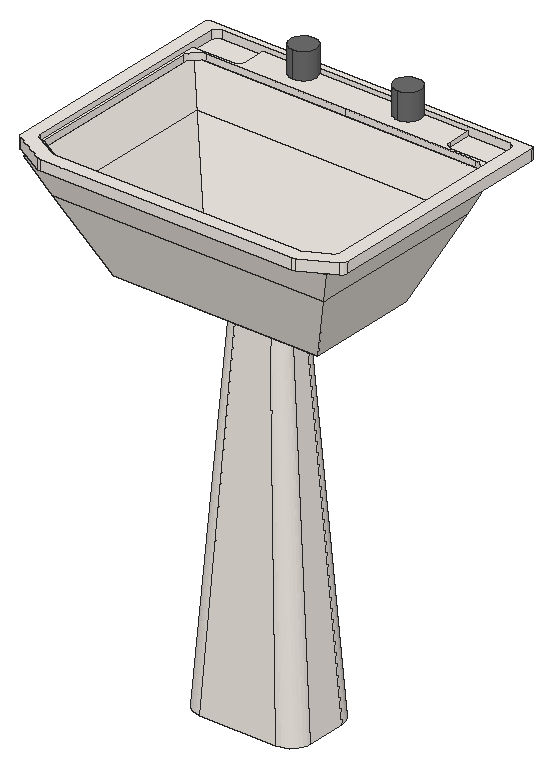
Revit family
Parameters (values of type "510 x 400 mm")
  Pedestal Height = 600 mm
  Fixture Material = Metal - Stainless Steel
  Basin Material = Porcelain
Reference planes
  plane 1 "Center (Front/Back)": y = 0
  plane 2: z = 0
  plane 3 "Center (Left/Right)": x = 0
  plane 4: x = -255
  plane 5: x = 255
  plane 6: y = 200
  plane 7: y = -200
  plane 8: z = 600
Forms (mm)
  Blend 1, solid, material "Porcelain" <- "Basin Material"
    base sketch origin (0, 0, 0) x (1, 0, 0) y (0, 1, 0)
      loop
        line (-90, 29.644) -> (-90, -29.644)
        arc (-90, -29.644) -> (-81.109, -51.109) -> (-59.644, -60) r 30.356
        line (-59.644, -60) -> (59.644, -60)
        arc (59.644, -60) -> (81.109, -51.109) -> (90, -29.644) r 30.356
        line (90, -29.644) -> (90, 29.644)
        arc (90, 29.644) -> (81.109, 51.109) -> (59.644, 60) r 30.356
        line (59.644, 60) -> (-59.644, 60)
        arc (-59.644, 60) -> (-81.109, 51.109) -> (-90, 29.644) r 30.356
    top sketch origin (0, 0, 0) x (1, 0, 0) y (0, 1, 0)
      loop
        line (-44.644, 10) -> (-44.644, -10)
        arc (-44.644, -10) -> (-38.891, -23.891) -> (-25, -29.644) r 19.644
        line (-25, -29.644) -> (25, -29.644)
        arc (25, -29.644) -> (38.891, -23.891) -> (44.644, -10) r 19.644
        line (44.644, -10) -> (44.644, 10)
        arc (44.644, 10) -> (38.891, 23.891) -> (25, 29.644) r 19.644
        line (25, 29.644) -> (-25, 29.644)
        arc (-25, 29.644) -> (-38.891, 23.891) -> (-44.644, 10) r 19.644
    from 0 to 600
  Extrusion 2, solid, material "Porcelain" <- "Basin Material"
    sketch origin (0, 0, 600) x (0, -1, 0) y (-1, 0, 0)
      loop
        line (-200, 250) -> (-200, -250)
        arc (-200, -250) -> (-198.535, -253.535) -> (-195, -255) r 5
        line (-195, -255) -> (164.049, -255)
        arc (164.049, -255) -> (169.098, -253.445) -> (172.858, -249.734) r 11.109
        line (172.858, -249.734) -> (198.808, -201.445) -> (200, -196.711) -> (200, 196.711) -> (198.808, 201.445) -> (172.858, 249.734)
        arc (172.858, 249.734) -> (169.098, 253.445) -> (164.049, 255) r 11.109
        line (164.049, 255) -> (-195, 255)
        arc (-195, 255) -> (-198.535, 253.535) -> (-200, 250) r 5
      loop
        line (152.574, 235) -> (-180, 235)
        arc (-180, 235) -> (-186.83, 231.83) -> (-190, 225) r 10.953
        line (-190, 225) -> (-190, -225)
        arc (-190, -225) -> (-186.83, -231.83) -> (-180, -235) r 10.953
        line (-180, -235) -> (152.574, -235)
        arc (152.574, -235) -> (156.4, -234.239) -> (159.645, -232.071) r 10
        line (159.645, -232.071) -> (177.071, -199.645)
        arc (177.071, -199.645) -> (179.189, -196.38) -> (180, -192.574) r 10.705
        line (180, -192.574) -> (180, 192.573)
        arc (180, 192.573) -> (178.892, 196.257) -> (177.071, 199.645) r 19.157
        line (177.071, 199.645) -> (159.645, 232.071)
        arc (159.645, 232.071) -> (156.4, 234.239) -> (152.574, 235) r 10
    from -176 to -192
  Extrusion 3, solid, material "Porcelain" <- "Basin Material"
    sketch origin (0, 0, 600) x (0, -1, 0) y (-1, 0, 0)
      loop
        line (-140, -7.769) -> (-140, -210)
        arc (-140, -210) -> (-134.142, -224.142) -> (-120, -230) r 20
        line (-120, -230) -> (152.574, -230) -> (175, -192.574) -> (175, 192.573) -> (152.574, 230) -> (-120, 230)
        arc (-120, 230) -> (-134.142, 224.142) -> (-140, 210) r 20
        line (-140, 210) -> (-140, -7.769)
      loop
        line (-190, -159.757) -> (-153, -159.757)
        arc (-153, -159.757) -> (-145.929, -162.686) -> (-143, -169.757) r 10
        line (-143, -169.757) -> (-143, -235) -> (152.574, -235)
        arc (152.574, -235) -> (156.4, -234.239) -> (159.645, -232.071) r 10
        line (159.645, -232.071) -> (177.071, -199.645)
        arc (177.071, -199.645) -> (179.189, -196.38) -> (180, -192.574) r 10.705
        line (180, -192.574) -> (180, 192.573)
        arc (180, 192.573) -> (178.892, 196.257) -> (177.071, 199.645) r 19.157
        line (177.071, 199.645) -> (159.645, 232.071)
        arc (159.645, 232.071) -> (156.4, 234.239) -> (152.574, 235) r 10
        line (152.574, 235) -> (-143, 235) -> (-143, 169.757)
        arc (-143, 169.757) -> (-145.929, 162.686) -> (-153, 159.757) r 10
        line (-153, 159.757) -> (-190, 159.757) -> (-190, -159.757)
    from -175.633 to -185.633
  Extrusion 4, solid, material "Porcelain" <- "Basin Material"
    sketch origin (0, 0, 600) x (0, -1, 0) y (-1, 0, 0)
      loop
        arc (-153, 159.757) -> (-145.929, 162.686) -> (-143, 169.757) r 10
        line (-143, 169.757) -> (-143, 235) -> (-180, 235)
        arc (-180, 235) -> (-187.071, 232.071) -> (-190, 225) r 10
        line (-190, 225) -> (-190, 159.757) -> (-153, 159.757)
      loop
        line (-153, -159.757) -> (-190, -159.757) -> (-190, -225)
        arc (-190, -225) -> (-187.071, -232.071) -> (-180, -235) r 10
        line (-180, -235) -> (-143, -235) -> (-143, -169.757)
        arc (-143, -169.757) -> (-145.929, -162.686) -> (-153, -159.757) r 10
    from -176 to -180
  Sweep 5, solid, material "Porcelain" <- "Basin Material"
    path origin (0, 0, 600) x (0, -1, 0) y (1, 0, 0)
      loop
        line (-140, -230) -> (175, -230) -> (175, 230) -> (-140, 230) -> (-140, -230)
    profile origin (0, -17.5, 0) x (1, 0, 0) y (0, 0, 1)
      loop
        line (-228.18, 775.633) -> (-236.871, 775.633) -> (-211.933, 716.881) -> (-184.84, 656.596) -> (-159.404, 600) -> (-150.633, 600) -> (-177.543, 659.876) -> (-204.601, 720.084) -> (-228.18, 775.633)
  Extrusion 6, solid, material "Porcelain" <- "Basin Material"
    sketch origin (0, 0, 600) x (0, -1, 0) y (-1, 0, 0)
      loop
        circle (0, 0) r 25
      loop
        line (-68.633, 158.633) -> (-68.633, -158.633) -> (103.633, -158.633) -> (103.633, 158.633) -> (-68.633, 158.633)
    from 0 to -8
  Extrusion 7, solid, material "Metal - Stainless Steel" <- "Fixture Material"
    sketch origin (0, 0, 600) x (0, -1, 0) y (-1, 0, 0)
      loop
        circle (-169.7, 81.47) r 20
      loop
        circle (-169.7, -81.47) r 20
    from -192 to -232
Lines and regions (mm)
  Masking region 1
    outline origin (0, 0, 600) x (0, -1, 0) y (1, 0, 0)
      loop
        line (-200, 250) -> (-200, -250)
        arc (-200, -250) -> (-198.535, -253.535) -> (-195, -255) r 5
        line (-195, -255) -> (164.049, -255)
        arc (164.049, -255) -> (169.098, -253.445) -> (172.858, -249.734) r 11.109
        line (172.858, -249.734) -> (198.808, -201.445) -> (200, -196.711) -> (200, 196.711) -> (198.808, 201.445) -> (172.858, 249.734)
        arc (172.858, 249.734) -> (169.098, 253.445) -> (164.049, 255) r 11.109
        line (164.049, 255) -> (-195, 255)
        arc (-195, 255) -> (-198.535, 253.535) -> (-200, 250) r 5
  symbolic lines
    curve 1: line (250, 200, 0) -> (-250, 200, 0)
    curve 2: line (-255, 195, 0) -> (-255, -164.049, 0)
    curve 3: line (-249.734, -172.858, 0) -> (-201.445, -198.808, 0)
    curve 4: line (-196.711, -200, 0) -> (196.711, -200, 0)
    curve 5: line (201.445, -198.808, 0) -> (249.734, -172.858, 0)
    curve 6: line (255, -164.049, 0) -> (255, 195, 0)
    curve 7: arc (250, 200, 0) -> (253.535, 198.535, 0) -> (255, 195, 0) r 5
    curve 8: arc (-255, 195, 0) -> (-253.535, 198.535, 0) -> (-250, 200, 0) r 5
    curve 9: arc (-249.734, -172.858, 0) -> (-253.445, -169.098, 0) -> (-255, -164.049, 0) r 11.109
    curve 10: line (-201.445, -198.808, 0) -> (-196.711, -200, 0)
    curve 11: line (196.711, -200, 0) -> (201.445, -198.808, 0)
    curve 12: arc (255, -164.049, 0) -> (253.445, -169.098, 0) -> (249.734, -172.858, 0) r 11.109
    curve 13: arc (0, 25, 0) -> (-25, 0, 0) -> (0, -25, 0) r 25
    curve 14: arc (0, -25, 0) -> (25, 0, 0) -> (0, 25, 0) r 25
    curve 15: line (-150.633, -95.633, 0) -> (-150.633, 60.633, 0)
    curve 16: line (-150.633, 60.633, 0) -> (150.633, 60.633, 0)
    curve 17: line (150.633, 60.633, 0) -> (150.633, -95.633, 0)
    curve 18: line (150.633, -95.633, 0) -> (-150.633, -95.633, 0)
    curve 19: line (-210, 140, 0) -> (7.769, 140, 0)
    curve 20: line (7.769, 140, 0) -> (210, 140, 0)
    curve 21: line (230, 120, 0) -> (230, -152.574, 0)
    curve 22: line (-230, -152.574, 0) -> (-230, 120, 0)
    curve 23: line (192.574, -175, 0) -> (-192.573, -175, 0)
    curve 24: line (-192.573, -175, 0) -> (-230, -152.574, 0)
    curve 25: line (230, -152.574, 0) -> (192.574, -175, 0)
    curve 26: arc (-210, 140, 0) -> (-224.142, 134.142, 0) -> (-230, 120, 0) r 20
    curve 27: arc (230, 120, 0) -> (224.142, 134.142, 0) -> (210, 140, 0) r 20
    curve 28: line (-224.142, 134.142, 0) -> (-150.633, 60.633, 0)
    curve 29: line (-150.633, -95.633, 0) -> (-211.287, -163.787, 0)
    curve 30: line (150.633, -95.633, 0) -> (215.977, -160.977, 0)
    curve 31: line (150.633, 60.633, 0) -> (224.142, 134.142, 0)
    curve 32: arc (-81.47, 149.7, 0) -> (-101.47, 169.7, 0) -> (-81.47, 189.7, 0) r 20
    curve 33: arc (-81.47, 189.7, 0) -> (-61.47, 169.7, 0) -> (-81.47, 149.7, 0) r 20
    curve 34: arc (81.47, 149.7, 0) -> (61.47, 169.7, 0) -> (81.47, 189.7, 0) r 20
    curve 35: arc (81.47, 189.7, 0) -> (101.47, 169.7, 0) -> (81.47, 149.7, 0) r 20
Dimensions and locks
  locked: plane 4 to plane 5 at 510
  locked: plane 7 to plane 6 at 400
  "Pedestal Height": plane 8 to level
  level to Extrusion 2 = 792 mm
  Extrusion 2 to level = 792 mm  (x3)
  aligned and locked: plane 8 to Blend 1
  aligned and locked: Extrusion 3 sketch curve to Extrusion 3 sketch curve
  aligned and locked: Extrusion 2 to Extrusion 3 sketch curve  (x2)
  aligned and locked: Extrusion 3 sketch curve to Extrusion 2  (x7)
  aligned and locked: Extrusion 4 sketch curve to Extrusion 3
  aligned and locked: Sweep 5 sketch curve to Extrusion 3  (x2)
  aligned and locked: Sweep 5 sketch curve to plane 8
  aligned and locked: Extrusion 7 to Extrusion 2
Automatic sketch dimensions
  Blend 1 sketch curve to plane 1 "Center (Front/Back)" = 29.644 mm  (x2)
  Blend 1 sketch curve to plane 3 "Center (Left/Right)" = 90 mm
  Blend 1 sketch curve to Blend 1 sketch curve = 30.356 mm  (x2)
  plane 1 "Center (Front/Back)" to Blend 1 sketch curve = 29.644 mm
  plane 3 "Center (Left/Right)" to Blend 1 sketch curve = 59.644 mm  (x2)
  Blend 1 sketch curve to plane 1 "Center (Front/Back)" = 10 mm
  Blend 1 sketch curve to plane 3 "Center (Left/Right)" = 44.644 mm
  Blend 1 sketch curve to plane 3 "Center (Left/Right)" = 25 mm  (x2)
  plane 1 "Center (Front/Back)" to Blend 1 sketch curve = 10 mm
  plane 3 "Center (Left/Right)" to Blend 1 sketch curve = 25 mm  (x2)
  Blend 1 sketch curve to Blend 1 sketch curve = 19.644 mm
  plane 6 to Extrusion 2 sketch curve = 5 mm
  Extrusion 2 sketch curve to plane 5 = 5 mm
  Extrusion 2 sketch curve to Extrusion 2 sketch curve = 10 mm  (x4)
  Extrusion 2 sketch curve to Extrusion 2 sketch curve = 0.915 mm
  Extrusion 2 sketch curve to Extrusion 2 sketch curve = 10.915 mm  (x2)
  Extrusion 2 sketch curve to Extrusion 2 sketch curve = 27.426 mm
  Extrusion 2 sketch curve to plane 5 = 22.929 mm
  Extrusion 2 sketch curve to Extrusion 2 sketch curve = 7.071 mm  (x3)
  Extrusion 2 sketch curve to Extrusion 2 sketch curve = 18.807 mm
  plane 4 to Extrusion 2 sketch curve = 11.09 mm
  Extrusion 2 sketch curve to Extrusion 2 sketch curve = 3.753 mm  (x2)
  Extrusion 2 sketch curve to plane 5 = 11.09 mm
  Extrusion 2 sketch curve to Extrusion 2 sketch curve = 0.652 mm  (x2)
  Extrusion 2 sketch curve to Extrusion 2 sketch curve = 10.701 mm
  Extrusion 2 sketch curve to Extrusion 2 sketch curve = 2.929 mm  (x3)
  Extrusion 2 sketch curve to Extrusion 2 sketch curve = 7.361 mm
  Extrusion 3 sketch curve to Extrusion 3 sketch curve = 10 mm  (x2)
  Extrusion 3 sketch curve to Extrusion 3 sketch curve = 20 mm
  Extrusion 3 sketch curve to Extrusion 3 sketch curve = 23 mm
  Extrusion 3 sketch curve to Extrusion 3 sketch curve = 0 mm  (x4)
  plane 3 "Center (Left/Right)" to Extrusion 3 sketch curve = 7.769 mm
  plane 6 to Extrusion 4 sketch curve = 20 mm
  Extrusion 4 sketch curve to Extrusion 4 sketch curve = 10 mm  (x2)
  plane 4 to Extrusion 4 sketch curve = 20 mm
  plane 6 to Extrusion 4 sketch curve = 10 mm
  Extrusion 4 sketch curve to Extrusion 4 sketch curve = 37 mm  (x2)
  Extrusion 4 sketch curve to plane 5 = 95.243 mm
  Extrusion 4 sketch curve to plane 5 = 30 mm
  plane 6 to Sweep 5 sketch curve = 60 mm
  profile plane to Sweep 5 sketch curve = 6.871 mm
  Sweep 5 sketch curve to profile plane = 1.82 mm
  Sweep 5 sketch curve to profile plane = 18.067 mm
  Sweep 5 sketch curve to Sweep 5 sketch curve = 7.331 mm
  Sweep 5 sketch curve to profile plane = 45.16 mm
  Sweep 5 sketch curve to Sweep 5 sketch curve = 7.297 mm
  Sweep 5 sketch curve to Sweep 5 sketch curve = 25.435 mm
  Sweep 5 sketch curve to Sweep 5 sketch curve = 8.771 mm
  Sweep 5 sketch curve to plane 8 = 56.596 mm
  Sweep 5 sketch curve to Sweep 5 sketch curve = 3.279 mm
  Sweep 5 sketch curve to Sweep 5 sketch curve = 60.285 mm
  Sweep 5 sketch curve to Sweep 5 sketch curve = 3.203 mm
  Sweep 5 sketch curve to Sweep 5 sketch curve = 58.751 mm
  plane 4 to Sweep 5 sketch curve = 25 mm
  Extrusion 6 sketch curve to plane 1 "Center (Front/Back)" = 0 mm
  Extrusion 6 sketch curve to plane 3 "Center (Left/Right)" = 0 mm
  plane 4 to Extrusion 6 sketch curve = 96.367 mm
  Extrusion 6 sketch curve to plane 7 = 96.367 mm
  Extrusion 6 sketch curve to plane 1 "Center (Front/Back)" = 68.633 mm
  Extrusion 6 sketch curve to plane 5 = 96.367 mm
  Extrusion 2 sketch curve to plane 6 = 0 mm
  Extrusion 2 sketch curve to plane 5 = 0 mm
  Extrusion 2 sketch curve to plane 4 = 0 mm
  Extrusion 2 sketch curve to plane 7 = 0 mm
  plane 6 to Extrusion 2 sketch curve = 10 mm
  Extrusion 2 sketch curve to plane 7 = 47.426 mm  (x2)
  Extrusion 2 sketch curve to Extrusion 2 sketch curve = 8.809 mm  (x2)
  Extrusion 2 sketch curve to plane 7 = 1.191 mm  (x2)
  plane 4 to Extrusion 2 sketch curve = 20 mm
  Extrusion 2 sketch curve to Extrusion 2 sketch curve = 30.626 mm
  Extrusion 2 sketch curve to Extrusion 2 sketch curve = 1.801 mm
  Extrusion 2 sketch curve to Extrusion 2 sketch curve = 4.734 mm  (x2)
  Extrusion 2 sketch curve to Extrusion 2 sketch curve = 32.717 mm
  Extrusion 2 sketch curve to Extrusion 2 sketch curve = 4.138 mm
  Extrusion 3 sketch curve to Extrusion 3 sketch curve = 37 mm  (x2)
  Extrusion 3 sketch curve to Extrusion 3 sketch curve = 3 mm
  Extrusion 3 sketch curve to Extrusion 3 sketch curve = 5 mm  (x2)
  Extrusion 3 sketch curve to Extrusion 3 sketch curve = 40.243 mm
  Extrusion 3 sketch curve to Extrusion 3 sketch curve = 75.243 mm
  Extrusion 3 sketch curve to Extrusion 3 sketch curve = 25 mm
  plane 6 to Extrusion 7 sketch curve = 30.3 mm  (x2)
  Extrusion 7 sketch curve to plane 3 "Center (Left/Right)" = 81.47 mm
  plane 3 "Center (Left/Right)" to Extrusion 7 sketch curve = 81.47 mm
  curve 9 to plane 4 = 0 mm
  curve 1 to plane 6 = 0 mm
  curve 10 to plane 7 = 0 mm
  curve 14 to plane 1 "Center (Front/Back)" = 0 mm
  curve 14 to plane 3 "Center (Left/Right)" = 0 mm
  curve 6 to plane 5 = 0 mm
  curve 8 to curve 8 = 5 mm
  plane 4 to curve 3 = 5.266 mm
  plane 4 to curve 9 = 11.09 mm
  plane 4 to curve 26 = 25 mm
  curve 26 to curve 28 = 5.858 mm
  curve 22 to curve 29 = 18.713 mm
  curve 28 to curve 26 = 14.142 mm
  curve 3 to plane 7 = 1.191 mm
  curve 29 to curve 3 = 9.841 mm
  curve 3 to curve 10 = 4.734 mm
  curve 24 to plane 7 = 25 mm
  curve 29 to curve 24 = 18.713 mm
  curve 23 to curve 18 = 41.94 mm
  plane 6 to curve 32 = 50.3 mm
  curve 32 to plane 3 "Center (Left/Right)" = 81.47 mm
  plane 3 "Center (Left/Right)" to curve 19 = 7.769 mm
  plane 6 to curve 34 = 30.3 mm
  curve 19 to curve 34 = 73.7 mm
  curve 18 to plane 5 = 104.367 mm
  curve 23 to plane 5 = 62.426 mm
  curve 23 to curve 11 = 4.138 mm
  curve 11 to plane 7 = 1.191 mm
  curve 4 to curve 11 = 4.734 mm
  curve 20 to plane 5 = 45 mm
  curve 23 to curve 30 = 23.403 mm
  curve 20 to curve 31 = 14.142 mm
  curve 31 to curve 21 = 5.858 mm
  curve 12 to plane 5 = 11.09 mm
  curve 12 to plane 5 = 5.266 mm
  curve 7 to plane 5 = 5 mm
  curve 5 to plane 7 = 27.142 mm
  curve 3 to plane 7 = 27.142 mm
  curve 5 to curve 6 = 8.809 mm
  curve 3 to curve 2 = 8.809 mm
  curve 23 to curve 29 = 11.213 mm
  curve 23 to curve 30 = 14.023 mm
  curve 23 to curve 18 = 79.367 mm
  plane 1 "Center (Front/Back)" to curve 14 = 25 mm
  curve 31 to plane 1 "Center (Front/Back)" = 60.633 mm
  curve 22 to curve 8 = 75 mm
  curve 34 to curve 34 = 20 mm
  curve 32 to curve 32 = 20 mm
  Masking region 1 sketch curve to plane 6 = 0 mm
  Masking region 1 sketch curve to plane 4 = 0 mm
  Masking region 1 sketch curve to plane 5 = 0 mm
  Masking region 1 sketch curve to plane 7 = 0 mm
  Masking region 1 sketch curve to Masking region 1 sketch curve = 5 mm
  plane 6 to Masking region 1 sketch curve = 5 mm
  Masking region 1 sketch curve to plane 7 = 36.603 mm  (x2)
  Masking region 1 sketch curve to plane 5 = 11.09 mm
  Masking region 1 sketch curve to Masking region 1 sketch curve = 0.652 mm  (x2)
  plane 4 to Masking region 1 sketch curve = 5.266 mm
  Masking region 1 sketch curve to Masking region 1 sketch curve = 8.809 mm
  Masking region 1 sketch curve to plane 5 = 5.266 mm
  Masking region 1 sketch curve to plane 7 = 1.191 mm  (x2)
  plane 4 to Masking region 1 sketch curve = 53.555 mm
  Masking region 1 sketch curve to Masking region 1 sketch curve = 4.734 mm  (x2)
  Masking region 1 sketch curve to plane 5 = 58.288 mm
  radius of Extrusion 6 sketch curve = 25 mm
  radius of Extrusion 7 sketch curve = 20 mm  (x2)
